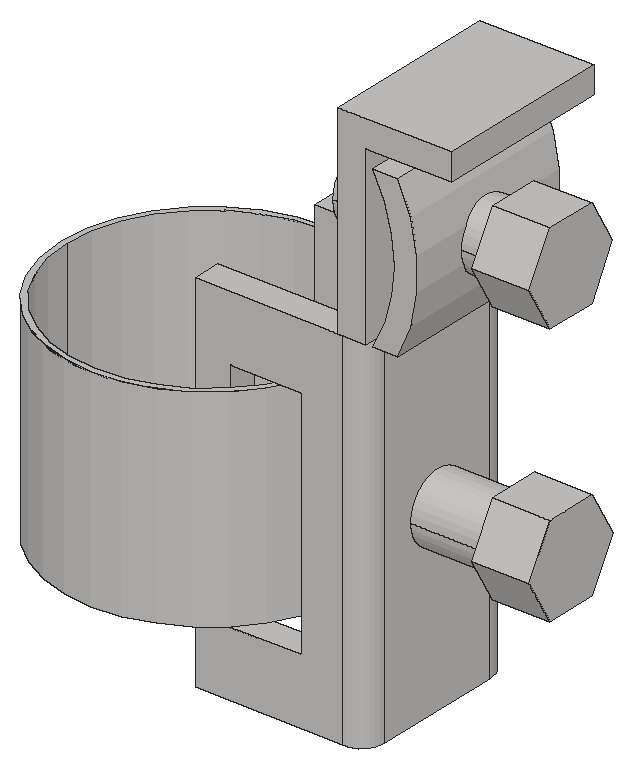
Revit family "FA_ХомутЗаземленияЛенточный_EZETEK", category Системы пожарной сигнализации, Revit 2017
Family settings
  Сохранять ориентацию аннотаций = Нет
  Размер круглого соединителя = Использовать радиус
  Тип детали = Нормальный
  На основе рабочей плоскости = Нет
  Всегда вертикально = Да
  При загрузке вырезать с полостями = Нет
  Общий = Да
  Точка расчета площади = Нет
Parameters (values of type "ХомутЗаземленияЛенточный_91320-1")
  Угол = 90.00°  # constant formula
  Производитель_Контакты = "ezetek@ezetek.ru"  # constant formula
  Описание = "Хомут заземления применяется для подключения металлических труб в систему уравнивания потенциалов. Провод заземления подключает к хомуту при помощи болта c резьбой М6."  # constant formula
  Диаметр_Наружный [instance] = ADSK_Размер_Диаметр + 1 mm  # 26 mm
  Использовать масштаб аннотаций [instance] = 1 = 0  # 0
  Изготовитель = "Ezetek"  # constant formula
  Группа модели = "Держатели и хомуты"  # constant formula
  URL = "https://ezetek.ru/"
  ADSK_Этаж [instance] = ""
  ADSK_Размер_Радиус [instance] = 12.5 mm
  ADSK_Размер_Диаметр [instance] = ADSK_Размер_Радиус * 2  # 25 mm
  ADSK_Примечание [instance] = ""
  ADSK_Позиция [instance] = ""
  ADSK_Обозначение = "91320-1"
  ADSK_Наименование краткое [instance] = "Хомут ленточный"
  ADSK_Наименование = "Хомут ленточный 5-25 мм, нерж"
  ADSK_Материал = BIMLIB_Сталь_Нержавеющая_EZETEK
  ADSK_Масса_Текст = "0.051"
  ADSK_Масса = 0.051
  ADSK_Марка = "91320-1"
  ADSK_Количество = 1  # constant formula
  ADSK_Код изделия = "91320-1"
  ADSK_Завод-изготовитель = "Ezetek"  # constant formula
  ADSK_Единица измерения = "шт."  # constant formula
  ADSK_Группирование [instance] = ""
  ADSK_Версия Revit = "2017"  # constant formula
Types (5, lengths in mm): name | Диаметр_Наружный | ADSK_Размер_Радиус | ADSK_Размер_Диаметр | ADSK_Обозначение | ADSK_Наименование | ADSK_Материал | ADSK_Масса_Текст | ADSK_Масса | ADSK_Марка | ADSK_Код изделия
  ХомутЗаземленияЛенточный_91320-1 | 26 | 12.5 | 25 | "91320-1" | "Хомут ленточный 5-25 мм, нерж" | BIMLIB_Сталь_Нержавеющая_EZETEK | "0.051" | 0.051 | "91320-1" | "91320-1"
  ХомутЗаземленияЛенточный_91326-1 | 51 | 25 | 50 | "91326-1" | "Хомут ленточный 20-50 мм, нерж" | BIMLIB_Сталь_Нержавеющая_EZETEK | "0.054" | 0.054 | "91326-1" | "91326-1"
  ХомутЗаземленияЛенточный_91321 | 49 | 24 | 48 | "91321" | "Хомут ленточный 20-48 мм, медь никелированная" | BIMLIB_Медь_Никелированная_EZETEK | "0.052" | 0.052 | "91321" | "91321"
  ХомутЗаземленияЛенточный_91322 | 116 | 57.5 | 115 | "91322" | "Хомут ленточный 20-115 мм, медь никелированная" | BIMLIB_Медь_Никелированная_EZETEK | "0.062" | 0.062 | "91322" | "91322"
  ХомутЗаземленияЛенточный_91323 | 166 | 82.5 | 165 | "91323" | "Хомут ленточный 20-165 мм, медь никелированная" | BIMLIB_Медь_Никелированная_EZETEK | "0.071" | 0.071 | "91323" | "91323"
Reference planes
  plane 1 "По центру (Вперед/Назад)": y = 0
  plane 2: z = 0
  plane 3 "По центру (Влево/Вправо)": x = 0
  plane 4: x = 12.5
  plane 5: x = 5
  plane 6: x = 20
  plane 7: y = -7.804
  plane 8: y = 7.804
  plane 9: z = 16.105
  plane 10: z = -16.105
  plane 11: z = 33.895
  plane 12: z = 23
  plane 13: z = -9.23
  plane 14: z = 9.23
  plane 15: x = 13.237
  plane 16: x = 26.679
Forms (mm)
  Extrusion 1, solid, material "BIMLIB_Сталь_Нержавеющая_EZETEK", detail levels fine
    sketch origin (0, 0, 0) x (1, 0, 0) y (0, 1, 0)
      loop
        line (5, 7.804) -> (5, 5.304) -> (16.5, 5.304)
        arc (16.5, 5.304) -> (17.207, 5.011) -> (17.5, 4.304) r 1
        line (17.5, 4.304) -> (17.5, -4.304)
        arc (17.5, -4.304) -> (17.207, -5.011) -> (16.5, -5.304) r 1
        line (16.5, -5.304) -> (5, -5.304) -> (5, -7.804) -> (17.96, -7.804)
        arc (17.96, -7.804) -> (19.403, -7.206) -> (20, -5.764) r 2.04
        line (20, -5.764) -> (20, 5.804)
        arc (20, 5.804) -> (19.414, 7.218) -> (18, 7.804) r 2
        line (18, 7.804) -> (5, 7.804)
    from 16.105 to -16.105
  Extrusion 2, void, detail levels fine
    sketch origin (-1.097, 0, 0) x (1, 0, 0) y (0, 0, 1)
      loop
        line (9.251, 10.342) -> (9.251, -10.29) -> (15.447, -10.29) -> (15.447, 10.342) -> (9.251, 10.342)
    from 7.804 to -7.804
  Extrusion 3, solid, material "BIMLIB_Сталь_Нержавеющая_EZETEK" <- "ADSK_Материал", detail levels fine
    sketch origin (0, 0, 0) x (1, 0, 0) y (0, 1, 0)
      loop
        circle (0, 0) r 13
      loop
        circle (0, 0) r 12.5
    from 9.23 to -9.23
  Extrusion 4, solid, material "BIMLIB_Сталь_Нержавеющая_EZETEK", detail levels fine
    sketch origin (0, 0, 0) x (1, 0, 0) y (0, 0, 1)
      loop
        line (17.5, 16.105) -> (20, 16.105) -> (20, 31.519) -> (27.5, 31.519) -> (27.5, 33.895) -> (17.5, 33.895) -> (17.5, 16.105)
      loop
        arc (20.547, 30.17) -> (22.506, 23.138) -> (20.547, 16.105) r 13.602
        line (20.547, 16.105) -> (22.79, 16.105)
        arc (22.79, 16.105) -> (24.532, 23.138) -> (22.79, 30.17) r 15.065
        line (22.79, 30.17) -> (20.547, 30.17)
    from 7.804 to -7.804
  Extrusion 5, solid, material "BIMLIB_Сталь_Нержавеющая_EZETEK", detail levels fine
    sketch origin (0, 0, 0) x (0, 1, 0) y (0, 0, 1)
      loop
        circle (0, 0) r 3
      loop
        circle (0, 23) r 3
    from 26.679 to 13.237
  Extrusion 6, solid, material "BIMLIB_Сталь_Нержавеющая_EZETEK", detail levels fine
    sketch origin (0, 0, 0) x (0, 1, 0) y (0, 0, 1)
      loop
        line (-2.305, 3.992) -> (-4.61, 0) -> (-2.305, -3.992) -> (2.305, -3.992) -> (4.61, 0) -> (2.305, 3.992) -> (-2.305, 3.992)
      loop
        line (-2.283, 26.955) -> (-4.567, 23) -> (-2.283, 19.045) -> (2.283, 19.045) -> (4.567, 23) -> (2.283, 26.955) -> (-2.283, 26.955)
    from 31.7 to 26.679
Cuts and joins
  Extrusion 2 cuts Extrusion 1
Lines and regions (mm)
  reference lines
    curve 1: circle (0, 0, 0) r 12.5 normal (0, 0, 1)
    curve 2: circle (0, 0, 0) r 13 normal (0, 0, 1)
Dimensions and locks
  "ADSK_Размер_Радиус": plane 3 "По центру (Влево/Вправо)" to plane 4
  equal spacing: plane 5, plane 4, plane 6
  locked: plane 5 to plane 6 at 15
  equal spacing: plane 7, plane 1 "По центру (Вперед/Назад)", plane 8
  plane 7 to plane 8 = 15.608 mm
  equal spacing: plane 9, plane 2, plane 10
  locked: plane 9 to plane 10 at 32.211
  locked: plane 11 to plane 10 at 50
  Extrusion 1 to plane 3 "По центру (Влево/Вправо)" = 5 mm
  locked: plane 12 to plane 2 at 23
  equal spacing: plane 14, plane 2, plane 13
  locked: plane 14 to plane 13 at 18.461
  locked: plane 6 to plane 15 at 6.763
  locked: plane 16 to plane 6 at 6.679
  locked: Extrusion 6 to plane 16 at 5.021
  "ADSK_Размер_Диаметр": diameter of curve 1
  "Диаметр_Наружный": diameter of curve 2
  aligned and locked: level to plane 2
  aligned and locked: plane 3 "По центру (Влево/Вправо)" to curve 1
  aligned and locked: plane 1 "По центру (Вперед/Назад)" to curve 1
  aligned and locked: plane 9 to Extrusion 1
  aligned and locked: plane 10 to Extrusion 1
  aligned and locked: Extrusion 2 to plane 7
  aligned and locked: Extrusion 2 to plane 8
  aligned and locked: plane 3 "По центру (Влево/Вправо)" to curve 2
  aligned and locked: plane 1 "По центру (Вперед/Назад)" to curve 2
  aligned and locked: Extrusion 3 sketch curve to curve 2
  aligned and locked: Extrusion 3 sketch curve to curve 1
  aligned and locked: plane 14 to Extrusion 3
  aligned and locked: plane 13 to Extrusion 3
  aligned and locked: plane 11 to Extrusion 4 sketch curve
  aligned and locked: plane 9 to Extrusion 4 sketch curve
  aligned and locked: Extrusion 4 sketch curve to plane 6
  aligned and locked: Extrusion 4 to plane 7
  aligned and locked: Extrusion 4 to plane 8
  aligned and locked: plane 1 "По центру (Вперед/Назад)" to Extrusion 5 sketch curve  (x2)
  aligned and locked: plane 12 to Extrusion 5 sketch curve
  aligned and locked: plane 2 to Extrusion 5 sketch curve
  aligned and locked: Extrusion 5 to plane 15
  aligned and locked: plane 16 to Extrusion 5
  aligned and locked: Extrusion 6 to Extrusion 5
Automatic sketch dimensions
  Extrusion 1 sketch curve to plane 5 = 0 mm  (x2)
  plane 7 to Extrusion 1 sketch curve = 0 mm
  plane 8 to Extrusion 1 sketch curve = 0 mm
  Extrusion 1 sketch curve to plane 6 = 0 mm
  Extrusion 1 sketch curve to plane 6 = 3.5 mm  (x2)
  Extrusion 1 sketch curve to Extrusion 1 sketch curve = 1 mm
  Extrusion 1 sketch curve to plane 6 = 2.04 mm
  Extrusion 1 sketch curve to plane 6 = 2 mm
  Extrusion 1 sketch curve to Extrusion 1 sketch curve = 2.5 mm
  Extrusion 1 sketch curve to Extrusion 1 sketch curve = 1.5 mm
  plane 13 to Extrusion 2 sketch curve = 1.059 mm
  Extrusion 2 sketch curve to plane 5 = 3.154 mm
  Extrusion 2 sketch curve to plane 4 = 1.85 mm
  plane 14 to Extrusion 2 sketch curve = 1.111 mm
  Extrusion 4 sketch curve to plane 9 = 0 mm
  Extrusion 4 sketch curve to plane 6 = 2.5 mm
  Extrusion 4 sketch curve to plane 12 = 0.138 mm  (x2)
  plane 4 to Extrusion 4 sketch curve = 3.034 mm
  Extrusion 4 sketch curve to Extrusion 4 sketch curve = 0.562 mm
  Extrusion 4 sketch curve to Extrusion 4 sketch curve = 0.547 mm
  plane 6 to Extrusion 4 sketch curve = 0.547 mm
  plane 6 to Extrusion 4 sketch curve = 7.5 mm
  Extrusion 4 sketch curve to Extrusion 4 sketch curve = 1.349 mm
  Extrusion 4 sketch curve to Extrusion 4 sketch curve = 2.243 mm
  radius of Extrusion 5 sketch curve = 3 mm  (x2)
